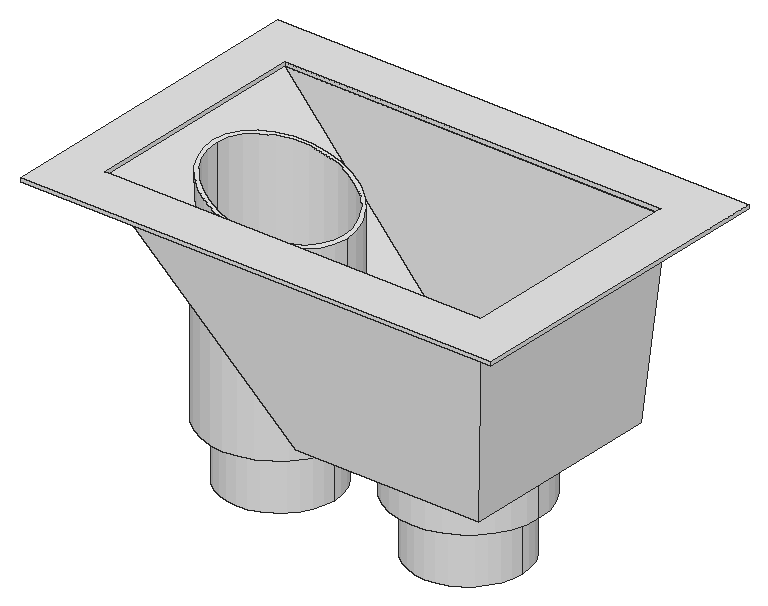
Revit family "Viking Roofspec Sump 03 M18", category Pipe Fittings, host Face, Revit 2021
Family settings
  Host = Face
  Round Connector Dimension = Use Diameter
  Part Type = Cap
  Cut with Voids When Loaded = No
  Shared = No
Parameters (values of type "Sumps - (with Weldable Flange) - IMR130T 580x380x249mmd+150mm outlet")
  URL = "www.vikingroofspec.co.nz"
  Type Comments = "Viking Roofspec sump / overflow IMR130T TPO weldable, installed as per manufacturers instructions."
  Pipe Diameter = 150 mm
  Overall Height = 389 mm
  Offset Pipe2 = 114 mm
  Offset Pipe1 = 137 mm
  Model = "IMR130T"
  Material = Viking Roofspec - Plastic White
  Manufacturer = "Viking Roofspec"  # constant formula
  Flow Out = 7.6 L/s
  Flange Cut Width = 380 mm
  Flange Cut Length = 580 mm
  Default Elevation = 0 mm
  Component = IMR130T : IMR130T
Reference planes
  plane 1 "Center (Front/Back)": y = 0
  plane 2: z = 0
  plane 3 "Center (Left/Right)": x = 0
  plane 4 "Pipe Connector": z = -389
  plane 5: x = -290
  plane 6: x = 290
  plane 7: y = -190
  plane 8: y = 190
Forms (mm)
  Extrusion 1, void
    sketch origin (0, 0, 0) x (1, 0, 0) y (0, 1, 0)
      loop
        circle (0, 0) r 115
    from -4 to 0
  Extrusion 2, void
    sketch origin (0, 0, 0) x (1, 0, 0) y (0, 1, 0)
      loop
        line (-290, 190) -> (-290, -190) -> (290, -190) -> (290, 190) -> (-290, 190)
    from 0 to -5
  Extrusion 3, void
    sketch origin (0, 0, 0) x (1, 0, 0) y (0, 1, 0)
      loop
        line (-265, 165) -> (-265, -165) -> (265, -165) -> (265, 165) -> (-265, 165)
    from 0 to -389
  Extrusion 4, solid, not visible
    sketch origin (0, 0, -389) x (0, -1, 0) y (1, 0, 0)
      loop
        circle (0, -137) r 35
    from 0 to 1
  Extrusion 5, solid, not visible
    sketch origin (149.817, 0, -389) x (0, -1, 0) y (1, 0, 0)
      loop
        circle (0, -35.817) r 35
    from 0 to 1
Dimensions and locks
  "Overall Height": host face to plane 4 "Pipe Connector"
  equal spacing: plane 5, plane 3 "Center (Left/Right)", plane 6
  equal spacing: plane 8, plane 1 "Center (Front/Back)", plane 7
  "Flange Cut Length": plane 5 to plane 6
  "Flange Cut Width": plane 8 to plane 7
  locked: plane 8 to Extrusion 3 sketch curve at 25
  locked: Extrusion 3 sketch curve to plane 7 at 25
  locked: plane 5 to Extrusion 3 sketch curve at 25
  locked: Extrusion 3 sketch curve to plane 6 at 25
  "Offset Pipe1": Extrusion 4 sketch curve to nested 1
  "Offset Pipe2": nested 1 to Extrusion 5 sketch curve
  diameter of Extrusion 1 sketch curve = 230 mm
  aligned and locked: plane 2 to host face
  aligned and locked: level to host face
  aligned and locked: Extrusion 2 to plane 5
  aligned and locked: plane 8 to Extrusion 2
  aligned and locked: plane 6 to Extrusion 2
  aligned and locked: Extrusion 2 to plane 7
  aligned and locked: Extrusion 3 to plane 4 "Pipe Connector"
Automatic sketch dimensions
  host sketch curve to host sketch curve = 2438.4 mm  (x2)
  plane 1 "Center (Front/Back)" to Extrusion 1 sketch curve = 0 mm
  Extrusion 1 sketch curve to plane 3 "Center (Left/Right)" = 0 mm
  Extrusion 2 sketch curve to plane 5 = 0 mm
  Extrusion 2 sketch curve to plane 6 = 0 mm
  Extrusion 2 sketch curve to plane 7 = 0 mm
  Extrusion 2 sketch curve to plane 8 = 0 mm
  plane 1 "Center (Front/Back)" to Extrusion 4 sketch curve = 0 mm
  plane 1 "Center (Front/Back)" to Extrusion 5 sketch curve = 0 mm
  radius of Extrusion 4 sketch curve = 35 mm
  radius of Extrusion 5 sketch curve = 35 mm
Nested families
  nested 1: "IMR130T" at (0, 0, 0), type <- "Component", Material <- "Material", type "IMR130T"
Connectors
  piping at (114, 0, -389), diameter 150, driven by "Pipe Diameter", driven by "Flow Out"
    settings: on Extrusion 5, index 4, connector inside diameter 609.6 mm, connector length 0 mm, flow factor 0, pipe flow 7.6 L/s, pressure drop 0.0 Pa, fitting loss kfactor 0, connector angle 0.00°, fixture units 0, engagement length 0 mm, angle of deflection 0.00°, flow configuration 1, flow direction 2, fitting loss method 4, system type 16, joint type 0, gender type 0, connector reference index -1, connector utility 0, adjustable connector no, is connector primary yes, connector description "Sump"
  piping at (-137, 0, -389), diameter 150, driven by "Pipe Diameter", driven by "Flow Out"
    settings: on Extrusion 4, index 5, connector inside diameter 609.6 mm, connector length 0 mm, flow factor 0, pipe flow 7.6 L/s, pressure drop 0.0 Pa, fitting loss kfactor 0, connector angle 0.00°, fixture units 0, engagement length 0 mm, angle of deflection 0.00°, flow configuration 1, flow direction 2, fitting loss method 4, system type 16, joint type 0, gender type 0, connector reference index -1, connector utility 0, adjustable connector no, is connector primary no, connector description "Sump Overflow"
Definition of nested family "IMR130T"
  Parameters (values of type "IMR130T")
    Material [instance] = none
    Default Elevation = 1219.2 mm
  Reference planes
    plane 1 "Center (Front/Back)": y = 0
    plane 2: z = 0
    plane 3 "Center (Left/Right)": x = 0
  Forms (mm)
    Revolve 1, solid, material <- "Material"
      sketch origin (-111.657, 0, -78.992) x (1, 0, 0) y (0, 0, 1)
        loop
          line (-98.172, -235.225) -> (-98.172, -310.021) -> (-25.672, -310.021) -> (-25.672, 55.02) -> (-120.672, 55.02) -> (-120.672, -235.225) -> (-98.172, -235.225)
        axis (-25.672, -310.021) -> (-25.672, 55.02)
      angle from 0 to 360
    Extrusion 2, solid, material <- "Material"
      sketch origin (0, 0, 0) x (0, 1, 0) y (0, 0, 1)
        loop
          line (-190, 0) -> (-190, -5) -> (-154.571, -5) -> (-134.998, -249.217) -> (134.998, -249.217) -> (154.571, -5) -> (190, -5) -> (190, 0) -> (-190, 0)
      from -287.697 to 291.503
    Extrusion 3, void
      sketch origin (0, 0, 0) x (1, 0, 0) y (0, 0, 1)
        loop
          line (-308.389, -5) -> (-308.389, -268.338) -> (6.969, -268.338) -> (6.969, -264.634) -> (-253.525, -5) -> (-308.389, -5)
      from -198.718 to 250
    Extrusion 4, void
      sketch origin (0, 0, 0) x (-1, 0, 0) y (0, 0, -1)
        loop
          line (-307.108, 5) -> (-256.074, 5) -> (-234.969, 268.338) -> (-307.108, 268.338) -> (-307.108, 5)
      from -198.718 to 250
    Blend 5, void
      base sketch origin (0, 0, 0) x (1, 0, 0) y (0, 1, 0)
        loop
          line (251.472, 149.971) -> (-251.527, 149.971) -> (-251.527, -149.971) -> (251.472, -149.971) -> (251.472, 149.971)
      top sketch origin (0, 0, 0) x (1, 0, 0) y (0, 1, 0)
        loop
          line (-6.537, 130.389) -> (-6.537, -130.389) -> (231.895, -130.389) -> (231.895, 130.389) -> (-6.537, 130.389)
      from 0 to -244.217
    Revolve 6, solid, material <- "Material"
      sketch origin (-50.015, 0, 0) x (1, 0, 0) y (0, 0, 1)
        loop
          line (-177.314, -10.591) -> (-177.314, -228.95) -> (-172.314, -228.95) -> (-172.314, -10.591) -> (-177.314, -10.591)
        axis (-87.314, -228.95) -> (-87.314, -10.591)
      angle from 0 to 360
    Extrusion 7, void
      sketch origin (-50.015, 0, 0) x (1, 0, 0) y (0, 0, 1)
        loop
          line (-181.78, -13.161) -> (7.82, -70.896) -> (7.82, -8.113) -> (-181.78, -8.113) -> (-181.78, -13.161)
      from -115.899 to 102.256
    Extrusion 8, void
      sketch origin (-166.443, 0, 0) x (1, 0, 0) y (0, 1, 0)
        loop
          circle (29.114, 0) r 85
      from -16.513 to -309.217
    Revolve 9, solid, material <- "Material"
      sketch origin (139.673, 0, -78.992) x (1, 0, 0) y (0, 0, 1)
        loop
          line (-98.172, -235.225) -> (-98.172, -310.021) -> (-25.672, -310.021) -> (-25.672, -167.008) -> (-120.672, -167.008) -> (-120.672, -235.225) -> (-98.172, -235.225)
        axis (-25.672, -310.021) -> (-25.672, -167.008)
      angle from 0 to 360
    Extrusion 10, void
      sketch origin (0, 0, 0) x (1, 0, 0) y (0, 1, 0)
        loop
          circle (114.001, 0) r 90
      from -309.217 to -228.95
    Extrusion 11, solid, material <- "Material"
      sketch origin (0, 0, 0) x (1, 0, 0) y (0, 1, 0)
        loop
          line (-312.697, 215) -> (-312.697, -215) -> (316.503, -215) -> (316.503, 215) -> (-312.697, 215)
        loop
          line (-251.527, 149.971) -> (-251.527, -149.971) -> (251.472, -149.971) -> (251.472, 149.971) -> (-251.527, 149.971)
      from 0 to 5
  Cuts and joins
    Blend 5, Extrusion 8 cuts Revolve 1
    Extrusion 3, Extrusion 4, Blend 5, Extrusion 8, Extrusion 10 cuts Extrusion 2
    Extrusion 7 cuts Revolve 6
    Extrusion 10 cuts Revolve 9
    joined: Revolve 1, Extrusion 2, Revolve 6, Revolve 9
  Dimensions and locks
    aligned and locked: level to plane 2
